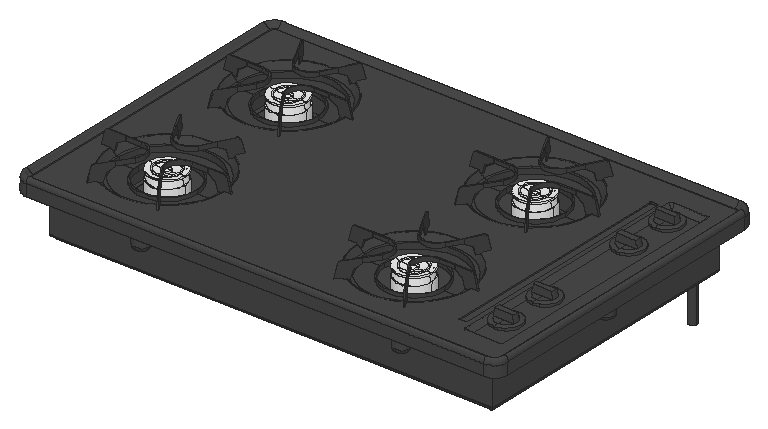
Revit family "QF_Summit_TNL053_Cooktop", category Specialty Equipment, Revit 2020 (continued)
Definition of nested family "Summit_Burner"
  Automatic sketch dimensions
    curve 8 to curve 9 = 0.00049"
    plane 8 "Center X" to curve 15 = 0.00104"
    curve 8 to curve 15 = 0.0009"
    curve 22 to plane 7 "Center Y" = 0.00467"
    curve 9 to curve 10 = 0.003"
    plane 8 "Center X" to curve 6 = 1/32"
    curve 5 to plane 8 "Center X" = 1/32"
    curve 6 to curve 5 = 0.00426"
    curve 7 to plane 3 "LEFT" = 0.24994"
    curve 10 to curve 15 = 0.00493"
    curve 9 to curve 15 = 0.00185"
    curve 9 to curve 8 = 0.00046"
    plane 8 "Center X" to curve 18 = 0.00072"
    curve 18 to curve 19 = 0.00005"
    curve 31 to curve 11 = 0.00029"
    curve 31 to curve 32 = 0.0001"
    plane 8 "Center X" to curve 26 = 0.00012"
    curve 36 to plane 8 "Center X" = 0"
    curve 37 to plane 8 "Center X" = 0"
    curve 28 to plane 8 "Center X" = 0.00005"
    curve 28 to curve 30 = 0"
    curve 28 to curve 29 = 0"
    curve 37 to curve 23 = 0.00008"
    curve 23 to curve 21 = 0.00002"
    curve 21 to curve 20 = 0.00003"
    curve 30 to curve 16 = 0.00015"
    curve 32 to curve 20 = 0.08532"
    curve 21 to curve 32 = 0.00683"
    curve 31 to curve 21 = 0.0725"
    curve 12 to curve 11 = 0.00194"
    curve 34 to curve 12 = 0.06053"
    curve 33 to curve 12 = 0.06852"
    curve 10 to curve 11 = 0.27562"
    curve 30 to curve 23 = 0.05436"
    curve 35 to curve 10 = 0.05987"
    curve 32 to curve 33 = 0.01816"
    curve 34 to curve 32 = 0.06703"
    curve 31 to curve 34 = 0.0111"
    curve 29 to curve 25 = 0.0546"
    curve 26 to curve 25 = 0.14085"
    curve 36 to curve 9 = 0.05612"
    curve 28 to curve 26 = 0.05462"
    curve 8 to curve 36 = 0.11219"
    curve 37 to curve 8 = 0.0556"
    curve 30 to curve 35 = 0.00104"
    curve 29 to curve 36 = 0.00067"
    curve 28 to curve 37 = 0.00063"
    curve 18 to curve 21 = 0.00535"
    curve 21 to curve 19 = 0.07323"
    curve 11 to curve 12 = 0.0019"
    curve 12 to curve 14 = 0.06051"
    curve 12 to curve 13 = 0.06855"
    curve 11 to curve 10 = 0.3055"
    curve 23 to curve 22 = 0.06833"
    curve 10 to curve 15 = 0.04534"
    curve 13 to curve 18 = 0.01507"
    curve 18 to curve 14 = 0.07001"
    curve 19 to plane 8 "Center X" = 0.08242"
    curve 25 to curve 24 = 0.05466"
    curve 9 to curve 16 = 0.0538"
    curve 26 to curve 27 = 7/128"
    curve 9 to curve 8 = 0.16803"
    curve 8 to curve 17 = 0.04772"
    curve 15 to curve 22 = 0.00203"
    curve 16 to curve 24 = 0.0001"
    curve 17 to curve 27 = 0.00107"
    curve 30 to curve 35 = 0.06245"
    curve 29 to curve 36 = 0.06245"
    curve 28 to curve 37 = 0.06245"
    curve 18 to curve 14 = 0.0297"
    curve 32 to curve 34 = 0.03106"
    curve 12 to curve 34 = 0.04337"
    curve 14 to curve 11 = 0.04324"
    curve 15 to curve 10 = 0.02225"
    curve 16 to curve 9 = 0.03201"
    curve 17 to curve 8 = 0.02894"
    Revolve 1 sketch curve to plane 7 "Center Y" = 0"  (x2)
    Revolve 1 sketch curve to Revolve 1 sketch curve = 0.23333"
    Revolve 1 sketch curve to plane 7 "Center Y" = 0.24695"
    Revolve 1 sketch curve to Revolve 1 sketch curve = 0.51345"
    Revolve 1 sketch curve to Revolve 1 sketch curve = 0.02917"
    Revolve 1 sketch curve to Revolve 1 sketch curve = 0.18246"
    Revolve 1 sketch curve to Revolve 1 sketch curve = 0.07859"
    Revolve 1 sketch curve to Revolve 1 sketch curve = 0.0713"
    Revolve 1 sketch curve to plane 6 "TOP" = 0.50892"
    Revolve 1 sketch curve to Revolve 1 sketch curve = 0.14989"
    Revolve 1 sketch curve to Revolve 1 sketch curve = 0.7"
    Revolve 1 sketch curve to Revolve 1 sketch curve = 0.05833"  (x2)
    plane 3 "LEFT" to Revolve 1 sketch curve = 0.74587"
    Revolve 1 sketch curve to Revolve 1 sketch curve = 0.1959"
    plane 3 "LEFT" to Revolve 1 sketch curve = 1/4"
    Revolve 1 sketch curve to plane 6 "TOP" = 0.53304"
    Revolve 1 sketch curve to Revolve 1 sketch curve = 0.02643"
    Revolve 1 sketch curve to plane 6 "TOP" = 0.8456"
    Revolve 1 sketch curve to Revolve 1 sketch curve = 0"  (x2)
    Revolve 1 sketch curve to Revolve 1 sketch curve = 0.20616"
    Revolve 1 sketch curve to Revolve 1 sketch curve = 1.38136"
    Revolve 1 sketch curve to Revolve 1 sketch curve = 0.0449"
    Revolve 1 sketch curve to Revolve 1 sketch curve = 0.35749"
    Revolve 1 sketch curve to Revolve 1 sketch curve = 0.07043"
    Revolve 1 sketch curve to Revolve 1 sketch curve = 0.03555"
    Revolve 1 sketch curve to Revolve 1 sketch curve = 0.07819"
    Revolve 1 sketch curve to Revolve 1 sketch curve = 0.04006"
    Revolve 1 sketch curve to Revolve 1 sketch curve = 0.01412"
    Revolve 1 sketch curve to Revolve 1 sketch curve = 0.0834"
    Extrusion 2 sketch curve to Extrusion 2 sketch curve = 0"  (x6)
    Extrusion 2 sketch curve to plane 7 "Center Y" = 0"
    plane 7 "Center Y" to Extrusion 2 sketch curve = 0.78533"
    plane 7 "Center Y" to Extrusion 2 sketch curve = 0.79697"
    Extrusion 2 sketch curve to Extrusion 2 sketch curve = 0.05518"  (x4)
    Extrusion 2 sketch curve to Extrusion 2 sketch curve = 0.05181"  (x4)
    Extrusion 2 sketch curve to Extrusion 2 sketch curve = 0.44677"  (x2)
    Extrusion 2 sketch curve to Extrusion 2 sketch curve = 0.54664"  (x2)
    Extrusion 2 sketch curve to plane 8 "Center X" = 1/32"
    Extrusion 2 sketch curve to Extrusion 2 sketch curve = 0.73738"  (x2)
    Extrusion 2 sketch curve to Extrusion 2 sketch curve = 0.95164"  (x2)
    Extrusion 2 sketch curve to plane 7 "Center Y" = 0.78533"
    Extrusion 2 sketch curve to plane 7 "Center Y" = 0.79697"
    plane 8 "Center X" to Extrusion 2 sketch curve = 1/32"
    plane 8 "Center X" to Extrusion 2 sketch curve = 1.39462"
    Extrusion 2 sketch curve to Extrusion 2 sketch curve = 0.02934"
    Extrusion 2 sketch curve to Extrusion 2 sketch curve = 0.41757"
    Extrusion 2 sketch curve to Extrusion 2 sketch curve = 1/16"  (x2)
    Extrusion 2 sketch curve to Extrusion 2 sketch curve = 0.88944"  (x2)
    plane 6 "TOP" to Extrusion 3 sketch curve = 1/4"
    plane 3 "LEFT" to Extrusion 3 sketch curve = 1.21219"
    Extrusion 3 sketch curve to plane 6 "TOP" = 0.05877"
    Extrusion 3 sketch curve to Extrusion 3 sketch curve = 0.53481"
    Extrusion 3 sketch curve to Extrusion 3 sketch curve = 0.12323"
    Extrusion 3 sketch curve to Extrusion 3 sketch curve = 1/4"
    Extrusion 3 sketch curve to Extrusion 3 sketch curve = 0.09613"
    plane 3 "LEFT" to Extrusion 3 sketch curve = 0.16348"
    Extrusion 3 sketch curve to plane 3 "LEFT" = 0.05937"
    Extrusion 3 sketch curve to plane 3 "LEFT" = 0.24994"
    Extrusion 3 sketch curve to plane 6 "TOP" = 0.43845"
    Extrusion 3 sketch curve to Extrusion 3 sketch curve = 0.11457"
    plane 6 "TOP" to Extrusion 3 sketch curve = 0.27032"
    Extrusion 3 sketch curve to Extrusion 3 sketch curve = 0.05556"
    plane 6 "TOP" to Extrusion 4 sketch curve = 1/4"
    Extrusion 4 sketch curve to plane 6 "TOP" = 0.05877"
    Extrusion 4 sketch curve to Extrusion 4 sketch curve = 0.53481"
    Extrusion 4 sketch curve to Extrusion 4 sketch curve = 0.12323"
    Extrusion 4 sketch curve to plane 6 "TOP" = 0.55301"
    Extrusion 4 sketch curve to Extrusion 4 sketch curve = 1/4"
    Extrusion 4 sketch curve to plane 6 "TOP" = 0.43845"
    Extrusion 4 sketch curve to Extrusion 4 sketch curve = 0.09613"
    plane 6 "TOP" to Extrusion 4 sketch curve = 0.27032"
    Extrusion 4 sketch curve to Extrusion 4 sketch curve = 0.5139"
    plane 6 "TOP" to Extrusion 4 sketch curve = 0.32589"
    Extrusion 4 sketch curve to Extrusion 4 sketch curve = 0.22285"
    Extrusion 4 sketch curve to Extrusion 4 sketch curve = 0.45796"
    plane 6 "TOP" to Extrusion 5 sketch curve = 1/4"
    plane 4 "RIGHT" to Extrusion 5 sketch curve = 1.21219"
    Extrusion 5 sketch curve to plane 6 "TOP" = 0.05877"
    Extrusion 5 sketch curve to Extrusion 5 sketch curve = 0.53481"
    Extrusion 5 sketch curve to Extrusion 5 sketch curve = 0.12323"
    Extrusion 5 sketch curve to Extrusion 5 sketch curve = 1/4"
    Extrusion 5 sketch curve to Extrusion 5 sketch curve = 0.09613"
    plane 4 "RIGHT" to Extrusion 5 sketch curve = 0.16348"
    Extrusion 5 sketch curve to plane 4 "RIGHT" = 0.05937"
    Extrusion 5 sketch curve to plane 4 "RIGHT" = 0.24994"
    plane 6 "TOP" to Extrusion 5 sketch curve = 0.27032"
    Extrusion 5 sketch curve to Extrusion 5 sketch curve = 0.05556"
    Extrusion 5 sketch curve to plane 6 "TOP" = 0.43845"
    Extrusion 5 sketch curve to Extrusion 5 sketch curve = 0.11457"
    plane 6 "TOP" to Extrusion 6 sketch curve = 1/4"
    Extrusion 6 sketch curve to plane 6 "TOP" = 0.05877"
    Extrusion 6 sketch curve to Extrusion 6 sketch curve = 0.53481"
    Extrusion 6 sketch curve to Extrusion 6 sketch curve = 0.12323"
    Extrusion 6 sketch curve to plane 6 "TOP" = 0.55301"
    Extrusion 6 sketch curve to Extrusion 6 sketch curve = 1/4"
    Extrusion 6 sketch curve to plane 6 "TOP" = 0.43845"
    Extrusion 6 sketch curve to Extrusion 6 sketch curve = 0.09613"
    plane 6 "TOP" to Extrusion 6 sketch curve = 0.27032"
    Extrusion 6 sketch curve to Extrusion 6 sketch curve = 0.5139"
    plane 6 "TOP" to Extrusion 6 sketch curve = 0.32589"
    Extrusion 6 sketch curve to Extrusion 6 sketch curve = 0.22285"
    Extrusion 6 sketch curve to Extrusion 6 sketch curve = 0.45796"
    plane 6 "TOP" to Extrusion 7 sketch curve = 1/4"
    Extrusion 7 sketch curve to plane 6 "TOP" = 0.05877"
    Extrusion 7 sketch curve to Extrusion 7 sketch curve = 0.53481"
    Extrusion 7 sketch curve to Extrusion 7 sketch curve = 0.12323"
    Extrusion 7 sketch curve to plane 6 "TOP" = 0.55301"
    Extrusion 7 sketch curve to Extrusion 7 sketch curve = 1/4"
    Extrusion 7 sketch curve to plane 6 "TOP" = 0.43845"
    Extrusion 7 sketch curve to Extrusion 7 sketch curve = 0.09613"
    plane 6 "TOP" to Extrusion 7 sketch curve = 0.27032"
    Extrusion 7 sketch curve to Extrusion 7 sketch curve = 0.5139"
    plane 6 "TOP" to Extrusion 7 sketch curve = 0.32589"
    Extrusion 7 sketch curve to Extrusion 7 sketch curve = 0.22285"
    Extrusion 7 sketch curve to Extrusion 7 sketch curve = 0.45796"
    plane 6 "TOP" to Extrusion 8 sketch curve = 1/4"
    Extrusion 8 sketch curve to plane 6 "TOP" = 0.05877"
    Extrusion 8 sketch curve to Extrusion 8 sketch curve = 0.53481"
    Extrusion 8 sketch curve to Extrusion 8 sketch curve = 0.12323"
    Extrusion 8 sketch curve to plane 6 "TOP" = 0.55301"
    Extrusion 8 sketch curve to Extrusion 8 sketch curve = 1/4"
    Extrusion 8 sketch curve to plane 6 "TOP" = 0.43845"
    Extrusion 8 sketch curve to Extrusion 8 sketch curve = 0.09613"
    plane 6 "TOP" to Extrusion 8 sketch curve = 0.27032"
    Extrusion 8 sketch curve to Extrusion 8 sketch curve = 0.5139"
    plane 6 "TOP" to Extrusion 8 sketch curve = 0.32589"
    Extrusion 8 sketch curve to Extrusion 8 sketch curve = 0.22285"
    Extrusion 8 sketch curve to Extrusion 8 sketch curve = 0.45796"
    curve 38 to curve 10 = 0.09124"
    curve 39 to curve 38 = 0.05181"
    curve 40 to curve 41 = 0.03495"
    curve 42 to plane 5 "FRONT" = 0.2744"
    curve 10 to curve 43 = 0.11316"
    curve 43 to curve 44 = 0"
    curve 44 to curve 43 = 0.05181"
    curve 45 to curve 9 = 0.5693"
    curve 45 to curve 46 = 0.03495"
    plane 8 "Center X" to curve 49 = 1/32"
    curve 49 to plane 4 "RIGHT" = 0.24994"
    curve 50 to plane 5 "FRONT" = 0.2744"
    curve 45 to curve 50 = 0.05181"
    curve 49 to plane 8 "Center X" = 1/32"
    curve 25 to curve 26 = 0.14084"
    curve 26 to curve 27 = 0.03027"
    curve 23 to curve 30 = 0.03089"
    curve 21 to curve 31 = 0.03066"
    curve 20 to curve 18 = 0.08679"
    curve 21 to curve 32 = 0.07353"
    curve 20 to curve 32 = 0.03085"
    curve 30 to curve 51 = 0.12572"
    curve 51 to curve 23 = 0.07139"
    curve 51 to curve 52 = 0.05518"
    curve 52 to curve 51 = 0.05518"
    curve 56 to curve 55 = 0.05518"
    plane 1 "BACK" to curve 57 = 0.1948"
    plane 1 "BACK" to curve 54 = 0.1948"
    radius of curve 2 = 0.80512"
    radius of curve 3 = 0.74678"
    radius of curve 4 = 0.23333"
